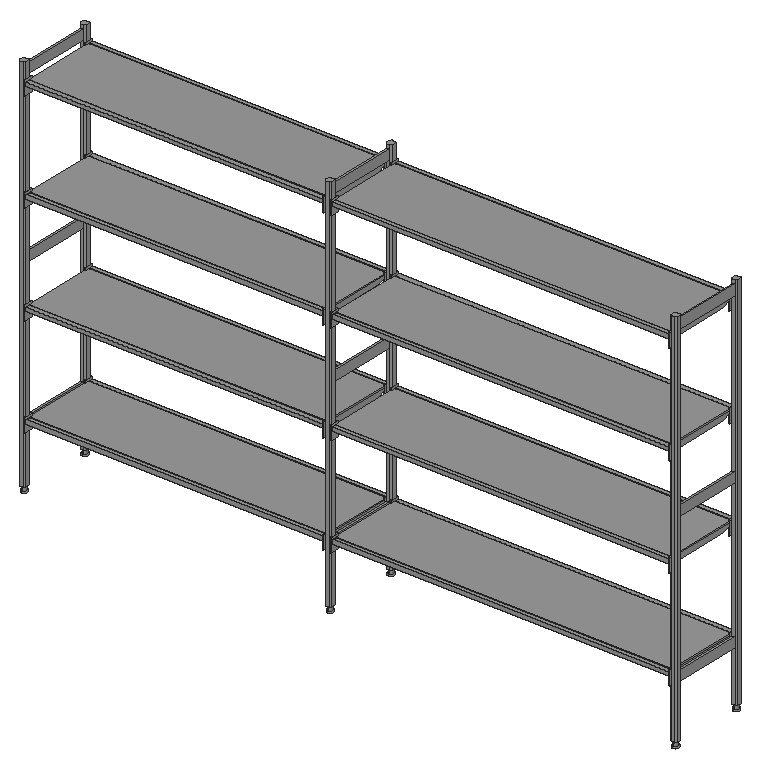
Revit family "QF_ZANUSSI_137029_ALS2935", category Attrezzature speciali, Revit 2020
Family settings
  Quota connettore circolare = Usa diametro
  Tipo di parte = Normale
  Basato su piano di lavoro = No
  Sempre verticale = Sì
  Taglio con vuoti quando caricato = No
  Condiviso = No
  Punto di calcolo locali = No
Parameters (values of type "Standard")
  Weight = 45.00 kg
  Watts = 0 W
  Volts = 0 V
  URL Manufacturer = "http://www.zanussiprofessional.com"
  URL = "http://www.zanussiprofessional.com"
  Steam Supply Size = 0 mm
  Steam Supply Minimum Pressure = 0.0 Pa
  Steam Supply Maximum Pressure = 0.0 Pa
  Steam Consumption per Hour = 0
  Refrigeration Suction Line Size = 0.0 mm
  Refrigeration Liquid Line Size = 0.0 mm
  Refrigerant Compressor Remote = yes
  Prospetto di default = 0.0 mm
  Phase = 0
  Modello = "ALS2935"
  Produttore = "Zanussi"
  Length Actual = 2935.0 mm  # constant formula
  Item Number = "137029"
  Hot Water Size = 0 mm
  Height Actual = 1700.0 mm  # constant formula
  HP = "0 HP"
  Gas Size = 0 mm
  Gas KW = 0
  Gas Input Pressure = 0 W
  Direct Waste Size = 0 mm
  Descrizione = "ALUM.LINEAR SHELV.-POLY.TIERS-373X2935MM"
  Depth Actual = 373.0 mm  # constant formula
  Cycle = 0 Hz
  Condensate Return Size = 0 mm
  Compressed Air Volume = 0.0 L/s
  Compressed Air Size = 0 mm
  Compressed Air Pressure = 0.0 Pa
  Cold Water Size = 0 mm
  Accessory = yes
Reference planes
  plane 1: z = 0
  plane 2 "CenterLeft": x = -31
  plane 3 "LEFT": x = -417
  plane 4 "BACK": y = 23
  plane 5 "FRONT": y = -350
  plane 6 "TOP": z = 1700
  plane 7: x = -385
  plane 8: x = 945
  plane 9 "Center (Front/Back)": y = -163.5
  plane 10: y = -8.5
  plane 11: y = -318.5
  plane 12 "FEET": z = 25
  plane 13: z = 275
  plane 14: z = 725
  plane 15: z = 1175
  plane 16: z = 1625
  plane 17 "CXLeft": x = -403
  plane 18 "Center (Left/Right)": x = 963
  plane 19: y = 5.5
  plane 20 "CYBack": y = 5.5
  plane 21 "CYFront": y = -332.5
  plane 22 "RIGHT": x = 2518
  plane 23: x = 2486
  plane 24 "CXRight": x = 2504
  plane 25: x = 981
Forms (mm)
  Extrusion 1, solid, material "QF_Aluminum"
    sketch origin (-417, 0, -4.006) x (0, 1, 0) y (0, 0, 1)
      loop
        line (-12, 1637.003) -> (4, 1637.003) -> (4, 1655) -> (2.007, 1655) -> (2.007, 1648.501) -> (-329, 1648.501) -> (-329, 1655) -> (-331, 1655) -> (-331, 1637.003) -> (-315, 1637.003) -> (-281, 1625) -> (-46, 1625) -> (-12, 1637.003)
      loop
        line (-12, 1187.003) -> (4, 1187.003) -> (4, 1205) -> (2.007, 1205) -> (2.007, 1198.501) -> (-329, 1198.501) -> (-329, 1205) -> (-331, 1205) -> (-331, 1187.003) -> (-315, 1187.003) -> (-281, 1175) -> (-46, 1175) -> (-12, 1187.003)
      loop
        line (-12, 737.003) -> (4, 737.003) -> (4, 755) -> (2.007, 755) -> (2.007, 748.501) -> (-329, 748.501) -> (-329, 755) -> (-331, 755) -> (-331, 737.003) -> (-315, 737.003) -> (-281, 725) -> (-46, 725) -> (-12, 737.003)
      loop
        line (-12, 287.003) -> (4, 287.003) -> (4, 305) -> (2.007, 305) -> (2.007, 298.501) -> (-329, 298.501) -> (-329, 305) -> (-331, 305) -> (-331, 287.003) -> (-315, 287.003) -> (-281, 275) -> (-46, 275) -> (-12, 287.003)
    from 37 to 32
  Extrusion 2, solid, material "QF_Aluminum"
    sketch origin (-417, 0, 0) x (0, 1, 0) y (0, 0, 1)
      loop
        line (23, 246.005) -> (23, 307.993) -> (-12.993, 307.993) -> (-12.993, 246.005) -> (23, 246.005)
      loop
        line (-350, 246.005) -> (-314.007, 246.005) -> (-314.007, 307.993) -> (-350, 307.993) -> (-350, 246.005)
      loop
        line (23, 696.005) -> (23, 757.993) -> (-12.993, 757.993) -> (-12.993, 696.005) -> (23, 696.005)
      loop
        line (-350, 696.005) -> (-314.007, 696.005) -> (-314.007, 757.993) -> (-350, 757.993) -> (-350, 696.005)
      loop
        line (23, 1146.005) -> (23, 1207.993) -> (-12.993, 1207.993) -> (-12.993, 1146.005) -> (23, 1146.005)
      loop
        line (-350, 1146.005) -> (-314.007, 1146.005) -> (-314.007, 1207.993) -> (-350, 1207.993) -> (-350, 1146.005)
      loop
        line (23, 1596.005) -> (23, 1657.993) -> (-12.993, 1657.993) -> (-12.993, 1596.005) -> (23, 1596.005)
      loop
        line (-350, 1596.005) -> (-314.007, 1596.005) -> (-314.007, 1657.993) -> (-350, 1657.993) -> (-350, 1596.005)
    from 28 to 32
  Extrusion 3, solid, material "QF_Aluminum"
    sketch origin (-417, 0, 0) x (0, 1, 0) y (0, 0, 1)
      loop
        line (4, 1650.994) -> (4, 1632.998) -> (23, 1632.998) -> (23, 1650.994) -> (4, 1650.994)
      loop
        line (-331, 1650.994) -> (-350, 1650.994) -> (-350, 1632.998) -> (-331, 1632.998) -> (-331, 1650.994)
      loop
        line (4, 1200.994) -> (4, 1182.998) -> (23, 1182.998) -> (23, 1200.994) -> (4, 1200.994)
      loop
        line (-331, 1200.994) -> (-350, 1200.994) -> (-350, 1182.998) -> (-331, 1182.998) -> (-331, 1200.994)
      loop
        line (4, 750.994) -> (4, 732.998) -> (23, 732.998) -> (23, 750.994) -> (4, 750.994)
      loop
        line (-331, 750.994) -> (-350, 750.994) -> (-350, 732.998) -> (-331, 732.998) -> (-331, 750.994)
      loop
        line (4, 300.994) -> (4, 282.998) -> (23, 282.998) -> (23, 300.994) -> (4, 300.994)
      loop
        line (-331, 300.994) -> (-350, 300.994) -> (-350, 282.998) -> (-331, 282.998) -> (-331, 300.994)
    from 32 to 1362
  Extrusion 4, solid, material "QF_Polyethylene"
    sketch origin (-417, 0, 0) x (0, 1, 0) y (0, 0, 1)
      loop
        line (2.007, 1650.994) -> (-329, 1650.994) -> (-329, 1644.496) -> (2.007, 1644.496) -> (2.007, 1650.994)
      loop
        line (2.007, 1200.994) -> (-329, 1200.994) -> (-329, 1194.496) -> (2.007, 1194.496) -> (2.007, 1200.994)
      loop
        line (2.007, 750.994) -> (-329, 750.994) -> (-329, 744.496) -> (2.007, 744.496) -> (2.007, 750.994)
      loop
        line (2.007, 300.994) -> (-329, 300.994) -> (-329, 294.496) -> (2.007, 294.496) -> (2.007, 300.994)
    from 32 to 1362
  Extrusion 5, solid, material "QF_Aluminum"
    sketch origin (2518, 0, 0) x (0, 1, 0) y (0, 0, 1)
      loop
        line (4, 1650.994) -> (4, 1632.998) -> (23, 1632.998) -> (23, 1650.994) -> (4, 1650.994)
      loop
        line (-331, 1650.994) -> (-350, 1650.994) -> (-350, 1632.998) -> (-331, 1632.998) -> (-331, 1650.994)
      loop
        line (4, 1200.994) -> (4, 1182.998) -> (23, 1182.998) -> (23, 1200.994) -> (4, 1200.994)
      loop
        line (-331, 1200.994) -> (-350, 1200.994) -> (-350, 1182.998) -> (-331, 1182.998) -> (-331, 1200.994)
      loop
        line (4, 750.994) -> (4, 732.998) -> (23, 732.998) -> (23, 750.994) -> (4, 750.994)
      loop
        line (-331, 750.994) -> (-350, 750.994) -> (-350, 732.998) -> (-331, 732.998) -> (-331, 750.994)
      loop
        line (4, 300.994) -> (4, 282.998) -> (23, 282.998) -> (23, 300.994) -> (4, 300.994)
      loop
        line (-331, 300.994) -> (-350, 300.994) -> (-350, 282.998) -> (-331, 282.998) -> (-331, 300.994)
    from -32 to -1537
  Extrusion 6, solid, material "QF_Polyethylene"
    sketch origin (2518, 0, 0) x (0, 1, 0) y (0, 0, 1)
      loop
        line (2.007, 1650.994) -> (-329, 1650.994) -> (-329, 1644.496) -> (2.007, 1644.496) -> (2.007, 1650.994)
      loop
        line (2.007, 1200.994) -> (-329, 1200.994) -> (-329, 1194.496) -> (2.007, 1194.496) -> (2.007, 1200.994)
      loop
        line (2.007, 750.994) -> (-329, 750.994) -> (-329, 744.496) -> (2.007, 744.496) -> (2.007, 750.994)
      loop
        line (2.007, 300.994) -> (-329, 300.994) -> (-329, 294.496) -> (2.007, 294.496) -> (2.007, 300.994)
    from -32 to -1537
Lines and regions (mm)
  symbolic lines
    curve 1: line (945, 4, 1700) -> (-385, 4, 1700)
    curve 2: line (-408, -8.5, 1700) -> (-408, -318.5, 1700)
    curve 3: line (-398, -318.5, 1700) -> (-398, -8.5, 1700)
    curve 4: line (-389, 23, 1700) -> (949, 23, 1700)
    curve 5: line (-385, -350, 1700) -> (945, -350, 1700)
    curve 6: line (977, 23, 1700) -> (2490, 23, 1700)
    curve 7: line (977, -350, 1700) -> (2490, -350, 1700)
    curve 8: line (-385, -331, 1700) -> (945, -331, 1700)
    curve 9: line (981, -331, 1700) -> (2486, -331, 1700)
    curve 10: line (981, 4, 1700) -> (2486, 4, 1700)
    curve 11: line (2486, -12.993, 1700) -> (2486, -314.007, 1700)
    curve 12: line (945, -12.993, 1700) -> (945, -314.007, 1700)
    curve 13: line (981, -314.007, 1700) -> (981, -12.993, 1700)
    curve 14: line (-385, -12.993, 1700) -> (-385, -314.007, 1700)
Dimensions and locks
  plane 3 "LEFT" to plane 2 "CenterLeft" = 386.0 mm
  locked: plane 6 "TOP" to level at 1700
  locked: plane 4 "BACK" to plane 5 "FRONT" at 373
  locked: plane 7 to plane 8 at 1330
  locked: plane 10 to plane 11 at 310
  equal spacing: plane 10, plane 9 "Center (Front/Back)", plane 11
  equal spacing: plane 4 "BACK", plane 9 "Center (Front/Back)", plane 5 "FRONT"
  plane 12 "FEET" to level = 25.0 mm
  plane 6 "TOP" to plane 12 "FEET" = 1675.0 mm
  plane 13 to plane 12 "FEET" = 250.0 mm
  plane 14 to plane 13 = 450.0 mm
  plane 15 to plane 14 = 450.0 mm
  plane 16 to plane 15 = 450.0 mm
  locked: plane 4 "BACK" to plane 20 "CYBack" at 17.5
  locked: plane 21 "CYFront" to plane 5 "FRONT" at 17.5
  locked: plane 4 "BACK" to Extrusion 1 at 19
  locked: Extrusion 1 to plane 5 "FRONT" at 19
  Extrusion 1 sketch curve to plane 21 "CYFront" = 3.5 mm
  plane 3 "LEFT" to plane 22 "RIGHT" = 2935.0 mm
  locked: plane 25 to plane 23 at 1505
  locked: plane 8 to plane 18 "Center (Left/Right)" at 18
  locked: plane 18 "Center (Left/Right)" to plane 25 at 18
  locked: plane 3 "LEFT" to plane 7 at 32
  locked: plane 24 "CXRight" to plane 22 "RIGHT" at 14
  aligned and locked: level to plane 1
  aligned and locked: plane 7 to Extrusion 1
  aligned and locked: Extrusion 2 to plane 7
  aligned and locked: plane 7 to Extrusion 4
  aligned and locked: Extrusion 4 to plane 8
  aligned and locked: plane 7 to Extrusion 3
  aligned and locked: Extrusion 3 to plane 8
  aligned and locked: Extrusion 3 sketch curve to Extrusion 1
  aligned and locked: Extrusion 1 to Extrusion 3 sketch curve
  aligned and locked: Extrusion 3 sketch curve to Extrusion 3 sketch curve  (x2)
  aligned and locked: Extrusion 1 sketch curve to Extrusion 1 sketch curve  (x3)
  aligned and locked: Extrusion 4 sketch curve to Extrusion 1  (x4)
  aligned and locked: Extrusion 5 sketch curve to Extrusion 5 sketch curve  (x2)
  aligned and locked: Extrusion 5 to plane 25
  aligned and locked: Extrusion 6 to plane 25
  aligned and locked: plane 18 "Center (Left/Right)" to nested 3
  aligned and locked: plane 17 "CXLeft" to nested 1
  aligned and locked: Extrusion 3 to plane 7  (x3)
  aligned and locked: plane 8 to Extrusion 3  (x4)
  aligned and locked: plane 25 to Extrusion 5  (x4)
  aligned and locked: plane 25 to Extrusion 6  (x4)
  aligned and locked: plane 8 to Extrusion 4  (x4)
  aligned and locked: plane 24 "CXRight" to nested 2
  aligned and locked: Extrusion 5 to plane 23
  aligned and locked: Extrusion 6 to plane 23
  aligned and locked: plane 23 to Extrusion 5  (x3)
  aligned and locked: plane 23 to Extrusion 6  (x3)
Automatic sketch dimensions
  plane 21 "CYFront" to Extrusion 1 sketch curve = 1.5 mm  (x4)
  plane 11 to Extrusion 1 sketch curve = 3.5 mm  (x4)
  Extrusion 1 sketch curve to plane 13 = 4.006 mm
  Extrusion 1 sketch curve to Extrusion 1 sketch curve = 34.0 mm  (x4)
  Extrusion 1 sketch curve to plane 14 = 4.006 mm
  Extrusion 1 sketch curve to plane 15 = 4.006 mm
  Extrusion 1 sketch curve to plane 16 = 4.006 mm
  Extrusion 1 sketch curve to plane 10 = 37.5 mm  (x4)
  Extrusion 1 sketch curve to plane 10 = 3.5 mm  (x4)
  plane 19 to Extrusion 1 sketch curve = 3.493 mm  (x4)
  plane 19 to Extrusion 1 sketch curve = 1.5 mm  (x4)
  plane 13 to Extrusion 1 sketch curve = 7.998 mm  (x2)
  Extrusion 1 sketch curve to Extrusion 1 sketch curve = 11.498 mm  (x4)
  Extrusion 1 sketch curve to Extrusion 1 sketch curve = 6.499 mm  (x8)
  plane 14 to Extrusion 1 sketch curve = 7.998 mm  (x2)
  plane 15 to Extrusion 1 sketch curve = 7.998 mm  (x2)
  plane 16 to Extrusion 1 sketch curve = 7.998 mm  (x2)
  Extrusion 2 sketch curve to plane 5 "FRONT" = 0.0 mm  (x4)
  Extrusion 2 sketch curve to plane 4 "BACK" = 0.0 mm  (x4)
  plane 11 to Extrusion 2 sketch curve = 4.493 mm  (x4)
  Extrusion 2 sketch curve to plane 10 = 4.493 mm  (x4)
  Extrusion 2 sketch curve to plane 13 = 28.995 mm  (x2)
  plane 13 to Extrusion 2 sketch curve = 32.993 mm  (x2)
  Extrusion 2 sketch curve to plane 14 = 28.995 mm  (x2)
  plane 14 to Extrusion 2 sketch curve = 32.993 mm  (x2)
  Extrusion 2 sketch curve to plane 15 = 28.995 mm  (x2)
  plane 15 to Extrusion 2 sketch curve = 32.993 mm  (x2)
  Extrusion 2 sketch curve to plane 16 = 28.995 mm  (x2)
  plane 16 to Extrusion 2 sketch curve = 32.993 mm  (x2)
  Extrusion 3 sketch curve to plane 5 "FRONT" = 0.0 mm  (x4)
  Extrusion 3 sketch curve to plane 4 "BACK" = 0.0 mm  (x4)
  plane 19 to Extrusion 3 sketch curve = 1.5 mm  (x4)
  plane 13 to Extrusion 3 sketch curve = 7.998 mm  (x2)
  Extrusion 3 sketch curve to Extrusion 3 sketch curve = 17.997 mm  (x8)
  plane 14 to Extrusion 3 sketch curve = 7.998 mm  (x2)
  plane 15 to Extrusion 3 sketch curve = 7.998 mm  (x2)
  plane 16 to Extrusion 3 sketch curve = 7.998 mm  (x2)
  plane 19 to Extrusion 4 sketch curve = 3.493 mm  (x4)
  plane 13 to Extrusion 4 sketch curve = 19.496 mm
  Extrusion 4 sketch curve to Extrusion 4 sketch curve = 6.499 mm  (x4)
  plane 14 to Extrusion 4 sketch curve = 19.496 mm
  plane 15 to Extrusion 4 sketch curve = 19.496 mm
  plane 16 to Extrusion 4 sketch curve = 19.496 mm
  Extrusion 5 sketch curve to plane 5 "FRONT" = 0.0 mm  (x4)
  Extrusion 5 sketch curve to plane 4 "BACK" = 0.0 mm  (x4)
  plane 21 "CYFront" to Extrusion 5 sketch curve = 1.5 mm  (x2)
  plane 19 to Extrusion 5 sketch curve = 1.5 mm  (x4)
  plane 13 to Extrusion 5 sketch curve = 7.998 mm  (x2)
  Extrusion 5 sketch curve to Extrusion 5 sketch curve = 17.997 mm  (x8)
  plane 14 to Extrusion 5 sketch curve = 7.998 mm  (x2)
  plane 15 to Extrusion 5 sketch curve = 7.998 mm  (x2)
  plane 16 to Extrusion 5 sketch curve = 7.998 mm  (x2)
  plane 21 "CYFront" to Extrusion 6 sketch curve = 3.5 mm  (x4)
  plane 19 to Extrusion 6 sketch curve = 3.493 mm  (x4)
  plane 13 to Extrusion 6 sketch curve = 19.496 mm
  Extrusion 6 sketch curve to Extrusion 6 sketch curve = 6.499 mm  (x4)
  plane 14 to Extrusion 6 sketch curve = 19.496 mm
  plane 15 to Extrusion 6 sketch curve = 19.496 mm
  plane 16 to Extrusion 6 sketch curve = 19.496 mm
  curve 7 to plane 5 "FRONT" = 0.0 mm
  curve 5 to plane 5 "FRONT" = 0.0 mm
  curve 8 to plane 8 = 0.0 mm
  curve 9 to plane 25 = 0.0 mm
  curve 9 to plane 23 = 0.0 mm
  curve 8 to plane 7 = 0.0 mm
  curve 2 to plane 11 = 0.0 mm
  curve 3 to plane 11 = 0.0 mm
  curve 14 to plane 7 = 0.0 mm
  curve 13 to plane 25 = 0.0 mm
  curve 12 to plane 8 = 0.0 mm
  curve 11 to plane 23 = 0.0 mm
  curve 3 to plane 10 = 0.0 mm
  curve 2 to plane 10 = 0.0 mm
  curve 1 to plane 8 = 0.0 mm
  curve 1 to plane 7 = 0.0 mm
  curve 10 to plane 23 = 0.0 mm
  curve 10 to plane 25 = 0.0 mm
  curve 4 to plane 4 "BACK" = 0.0 mm
  curve 6 to plane 4 "BACK" = 0.0 mm
  curve 5 to plane 8 = 0.0 mm
  curve 5 to plane 7 = 0.0 mm
  plane 21 "CYFront" to curve 8 = 1.5 mm
  plane 21 "CYFront" to curve 9 = 1.5 mm
  plane 11 to curve 14 = 4.493 mm
  plane 11 to curve 13 = 4.493 mm
  plane 11 to curve 12 = 4.493 mm
  plane 11 to curve 11 = 4.493 mm
  curve 14 to plane 10 = 4.493 mm
  curve 13 to plane 10 = 4.493 mm
  curve 12 to plane 10 = 4.493 mm
  curve 11 to plane 10 = 4.493 mm
  plane 19 to curve 1 = 1.5 mm
  plane 19 to curve 10 = 1.5 mm
  curve 6 to plane 23 = 4.0 mm
  curve 7 to plane 23 = 4.0 mm
  curve 6 to plane 25 = 4.0 mm
  curve 7 to plane 25 = 4.0 mm
  curve 4 to plane 8 = 4.0 mm
  plane 7 to curve 4 = 4.0 mm
  plane 17 "CXLeft" to curve 3 = 5.0 mm
  curve 2 to plane 17 "CXLeft" = 5.0 mm
Nested families
  nested 1: "WT_Anta373" at (0, 0, 0), type "WT_Anta373"
  nested 2: "WT_Anta373" at (2101, 0, 0) x (-1, 0, 0) z (0, 0, 1), type "WT_Anta373"
  nested 3: "WT_Anta373Center" at (1366, 0, 0), type "WT_Anta373Center"
Definition of nested family "WT_Anta373"
  Parameters
    WidthLeft = A + 64.0 mm  # 772.0 mm
    Width = 1606.0 mm
    Right = WidthLeft / 2  # 386.0 mm
    Default Elevation = 0.0 mm
    Left = -WidthLeft / 2  # -386.0 mm
    Height = 1725.0 mm
    FEET = 25.0 mm
    E = 0.0 mm
    Dint = Depth - 63.0 mm  # 310.0 mm
    Dext = Depth - 8.0 mm  # 365.0 mm
    Depth = 373.0 mm
    DX = (WidthLeft - A) / 2  # 32.0 mm
    B = 798.0 mm
    A = 708.0 mm
  Reference planes
    plane 1: z = 0
    plane 2 "LEFT": x = -417
    plane 3 "BACK": y = 23
    plane 4 "FRONT": y = -350
    plane 5 "TOP": z = 1725
    plane 6 "Center (Front/Back)": y = -163.5
    plane 7: y = -8.5
    plane 8: y = -318.5
    plane 9 "FEET": z = 25
    plane 10: z = 275
    plane 11: z = 725
    plane 12: z = 1175
    plane 13: z = 1625
    plane 14 "CXLeft": x = -403
    plane 15: y = 5.5
    plane 16 "CYBack": y = 5.5
    plane 17 "CYFront": y = -332.5
    plane 18: x = -385.031
    plane 19: x = -380.031
  Forms (mm)
    Extrusion 1, solid
      sketch origin (0, 0, 0) x (1, 0, 0) y (0, 1, 0)
        loop
          line (-417, 13.246) -> (-417, -2.246) -> (-410.746, -8.5) -> (-395.254, -8.5) -> (-389, -2.246) -> (-389, 13.246) -> (-395.254, 19.5) -> (-410.746, 19.5) -> (-417, 13.246)
      from 1725 to 25
    Extrusion 2, solid
      sketch origin (-417, 0, 0) x (0, 1, 0) y (0, 0, 1)
        loop
          line (23, 246.005) -> (23, 307.993) -> (-12.993, 307.993) -> (-12.993, 246.005) -> (23, 246.005)
        loop
          line (-350, 246.005) -> (-314.007, 246.005) -> (-314.007, 307.993) -> (-350, 307.993) -> (-350, 246.005)
        loop
          line (23, 696.005) -> (23, 757.993) -> (-12.993, 757.993) -> (-12.993, 696.005) -> (23, 696.005)
        loop
          line (-350, 696.005) -> (-314.007, 696.005) -> (-314.007, 757.993) -> (-350, 757.993) -> (-350, 696.005)
        loop
          line (23, 1146.005) -> (23, 1207.993) -> (-12.993, 1207.993) -> (-12.993, 1146.005) -> (23, 1146.005)
        loop
          line (-350, 1146.005) -> (-314.007, 1146.005) -> (-314.007, 1207.993) -> (-350, 1207.993) -> (-350, 1146.005)
        loop
          line (23, 1596.005) -> (23, 1657.993) -> (-12.993, 1657.993) -> (-12.993, 1596.005) -> (23, 1596.005)
        loop
          line (-350, 1596.005) -> (-314.007, 1596.005) -> (-314.007, 1657.993) -> (-350, 1657.993) -> (-350, 1596.005)
      from 28 to 32
    Revolve 3, solid
      sketch origin (-403, 0, 0) x (0, 1, 0) y (0, 0, 1)
        loop
          line (5.5, 25) -> (5.5, 0) -> (19, 0) -> (19, 5) -> (14, 5) -> (14, 25) -> (5.5, 25)
        axis (5.5, 25) -> (5.5, 0)
      angle from 0 to 360
    Extrusion 4, solid
      sketch origin (-403, 0, 0) x (0, 1, 0) y (0, 0, 1)
        loop
          line (-8.5, 912.382) -> (-8.5, 957.374) -> (-318.5, 957.374) -> (-318.5, 912.382) -> (-8.5, 912.382)
        loop
          line (-8.5, 1662.244) -> (-8.5, 1707.236) -> (-318.5, 1707.236) -> (-318.5, 1662.244) -> (-8.5, 1662.244)
      from -5 to 5
    Revolve 5, solid
      sketch origin (-403, -627, 0) x (0, -1, 0) y (0, 0, 1)
        loop
          line (-294.5, 25) -> (-294.5, 0) -> (-281, 0) -> (-281, 5) -> (-286, 5) -> (-286, 25) -> (-294.5, 25)
        axis (-294.5, 25) -> (-294.5, 0)
      angle from 0 to 360
    Extrusion 6, solid
      sketch origin (0, -627, 0) x (1, 0, 0) y (0, 1, 0)
        loop
          line (-417, 286.754) -> (-410.746, 280.5) -> (-395.254, 280.5) -> (-389, 286.754) -> (-389, 302.246) -> (-395.254, 308.5) -> (-410.746, 308.5) -> (-417, 302.246) -> (-417, 286.754)
      from 1725 to 25
    Extrusion 7, solid
      sketch origin (-417.031, -0.022, 0) x (0, 1, 0) y (0, 0, -1)
        loop
          line (-12, -1632.998) -> (-46, -1620.994) -> (-281, -1620.994) -> (-315, -1632.998) -> (-331, -1632.998) -> (-331, -1650.994) -> (-329, -1650.994) -> (-329, -1644.496) -> (2.007, -1644.496) -> (2.007, -1650.994) -> (4, -1650.994) -> (4, -1632.998) -> (-12, -1632.998)
        loop
          line (-12, -1182.998) -> (-46, -1170.994) -> (-281, -1170.994) -> (-315, -1182.998) -> (-331, -1182.998) -> (-331, -1200.994) -> (-329, -1200.994) -> (-329, -1194.496) -> (2.007, -1194.496) -> (2.007, -1200.994) -> (4, -1200.994) -> (4, -1182.998) -> (-12, -1182.998)
        loop
          line (-12, -732.998) -> (-46, -720.994) -> (-281, -720.994) -> (-315, -732.998) -> (-331, -732.998) -> (-331, -750.994) -> (-329, -750.994) -> (-329, -744.496) -> (2.007, -744.496) -> (2.007, -750.994) -> (4, -750.994) -> (4, -732.998) -> (-12, -732.998)
        loop
          line (-12, -282.998) -> (-46, -270.994) -> (-281, -270.994) -> (-315, -282.998) -> (-331, -282.998) -> (-331, -300.994) -> (-329, -300.994) -> (-329, -294.496) -> (2.007, -294.496) -> (2.007, -300.994) -> (4, -300.994) -> (4, -282.998) -> (-12, -282.998)
      from -32 to -37
    Extrusion 8, solid
      sketch origin (-403, 0, -659.878) x (0, 1, 0) y (0, 0, 1)
        loop
          line (-8.5, 912.382) -> (-8.5, 957.374) -> (-318.5, 957.374) -> (-318.5, 912.382) -> (-8.5, 912.382)
        loop
          line (-8.5, 1572.382) -> (-8.5, 1617.374) -> (-318.5, 1617.374) -> (-318.5, 1572.382) -> (-8.5, 1572.382)
        loop
          line (-8.5, 2322.382) -> (-8.5, 2367.374) -> (-318.5, 2367.374) -> (-318.5, 2322.382) -> (-8.5, 2322.382)
      from -5 to 5
  Lines and regions (mm)
    symbolic lines
      curve 1: line (-408, -8.5, 1725) -> (-408, -318.5, 1725)
      curve 2: line (-398, -318.5, 1725) -> (-398, -8.5, 1725)
      curve 3: line (-395.254, -8.5, 1725) -> (-410.746, -8.5, 1725)
      curve 4: line (-417, -2.246, 1725) -> (-410.746, -8.5, 1725)
      curve 5: line (-417, 13.246, 1725) -> (-417, -2.246, 1725)
      curve 6: line (-410.746, 19.5, 1725) -> (-417, 13.246, 1725)
      curve 7: line (-395.254, 19.5, 1725) -> (-410.746, 19.5, 1725)
      curve 8: line (-389, 13.246, 1725) -> (-395.254, 19.5, 1725)
      curve 9: line (-395.254, -8.5, 1725) -> (-389, -2.246, 1725)
      curve 10: line (-395.254, -318.5, 1725) -> (-410.746, -318.5, 1725)
      curve 11: line (-417, -324.754, 1725) -> (-410.746, -318.5, 1725)
      curve 12: line (-410.746, -346.5, 1725) -> (-417, -340.246, 1725)
      curve 13: line (-395.254, -346.5, 1725) -> (-410.746, -346.5, 1725)
      curve 14: line (-389, -340.246, 1725) -> (-395.254, -346.5, 1725)
      curve 15: line (-395.254, -318.5, 1725) -> (-389, -324.754, 1725)
      curve 16: line (-389, -350, 1725) -> (-389, -314.007, 1725)
      curve 17: line (-389, -314.007, 1725) -> (-385, -314.007, 1725)
      curve 18: line (-389, 23, 1725) -> (-389, -12.993, 1725)
      curve 19: line (-389, -12.993, 1725) -> (-385, -12.993, 1725)
      curve 20: line (-417, -324.754, 1725) -> (-417, -340.246, 1725)
      curve 21: line (-385, -350, 1725) -> (-385, -314.007, 1725)
      curve 22: line (-385, -350, 1725) -> (-389, -350, 1725)
      curve 23: line (-385, 23, 1725) -> (-389, 23, 1725)
      curve 24: line (-385, -12.993, 1725) -> (-385, 23, 1725)
      curve 25: line (-385.031, -13.016, 1725) -> (-385.031, -314.029, 1725)
  Dimensions and locks
    "Height": plane 5 "TOP" to level
    "Depth": plane 3 "BACK" to plane 4 "FRONT"
    "Dint": plane 7 to plane 8
    equal spacing: plane 7, plane 6 "Center (Front/Back)", plane 8
    equal spacing: plane 3 "BACK", plane 6 "Center (Front/Back)", plane 4 "FRONT"
    plane 9 "FEET" to level = 25.0 mm
    plane 5 "TOP" to plane 9 "FEET" = 1700.0 mm
    plane 10 to plane 9 "FEET" = 250.0 mm
    plane 11 to plane 10 = 450.0 mm
    plane 12 to plane 11 = 450.0 mm
    plane 13 to plane 12 = 450.0 mm
    locked: plane 2 "LEFT" to plane 14 "CXLeft" at 14
    locked: plane 3 "BACK" to plane 16 "CYBack" at 17.5
    locked: plane 17 "CYFront" to plane 4 "FRONT" at 17.5
    locked: Revolve 3 sketch curve to Revolve 3 sketch curve at 8.5
    locked: Revolve 3 sketch curve to plane 16 "CYBack" at 13.5
    locked: Revolve 5 sketch curve to Revolve 5 sketch curve at 8.5
    aligned and locked: level to plane 1
    aligned and locked: curve 20 to Extrusion 6
    aligned and locked: plane 5 "TOP" to Extrusion 1
    aligned and locked: plane 5 "TOP" to Extrusion 6
    aligned and locked: Extrusion 7 sketch curve to Extrusion 7 sketch curve  (x3)
  Automatic sketch dimensions
    curve 16 to plane 4 "FRONT" = 0.0 mm
    curve 11 to plane 8 = 0.0 mm
    curve 9 to plane 7 = 0.0 mm
    curve 5 to plane 2 "LEFT" = 0.0 mm
    curve 23 to plane 3 "BACK" = 0.0 mm
    plane 4 "FRONT" to curve 13 = 3.5 mm
    curve 20 to plane 17 "CYFront" = 7.746 mm
    curve 20 to plane 8 = 6.254 mm
    plane 8 to curve 16 = 4.493 mm
    curve 24 to plane 18 = 0.031 mm
    curve 24 to plane 7 = 4.493 mm
    plane 7 to curve 5 = 6.254 mm
    curve 5 to plane 15 = 7.746 mm
    curve 6 to plane 3 "BACK" = 3.5 mm
    curve 21 to plane 18 = 0.031 mm
    plane 18 to curve 23 = 3.969 mm
    plane 18 to curve 16 = 3.969 mm
    curve 18 to curve 8 = 6.254 mm
    curve 18 to curve 3 = 6.254 mm
    curve 16 to curve 13 = 6.254 mm
    curve 16 to curve 15 = 6.254 mm
    plane 2 "LEFT" to curve 10 = 6.254 mm
    plane 2 "LEFT" to curve 7 = 6.254 mm
    plane 2 "LEFT" to curve 12 = 6.254 mm
    plane 2 "LEFT" to curve 3 = 6.254 mm
    curve 14 to plane 17 "CYFront" = 7.746 mm
    curve 15 to plane 8 = 6.254 mm
    plane 7 to curve 9 = 6.254 mm
    curve 8 to plane 15 = 7.746 mm
    curve 3 to curve 2 = 2.746 mm
    curve 1 to curve 10 = 2.746 mm
    Extrusion 1 sketch curve to plane 2 "LEFT" = 0.0 mm
    Extrusion 1 sketch curve to plane 7 = 0.0 mm
    plane 2 "LEFT" to Extrusion 1 sketch curve = 6.254 mm  (x2)
    plane 14 "CXLeft" to Extrusion 1 sketch curve = 7.746 mm  (x2)
    Extrusion 1 sketch curve to plane 3 "BACK" = 3.5 mm
    plane 18 to Extrusion 1 sketch curve = 3.969 mm
    plane 7 to Extrusion 1 sketch curve = 6.254 mm  (x2)
    Extrusion 1 sketch curve to plane 15 = 7.746 mm  (x2)
    Extrusion 2 sketch curve to plane 4 "FRONT" = 0.0 mm  (x4)
    Extrusion 2 sketch curve to plane 3 "BACK" = 0.0 mm  (x4)
    plane 8 to Extrusion 2 sketch curve = 4.493 mm  (x4)
    Extrusion 2 sketch curve to plane 7 = 4.493 mm  (x4)
    Extrusion 2 sketch curve to plane 10 = 28.995 mm  (x2)
    plane 10 to Extrusion 2 sketch curve = 32.993 mm  (x2)
    Extrusion 2 sketch curve to plane 11 = 28.995 mm  (x2)
    plane 11 to Extrusion 2 sketch curve = 32.993 mm  (x2)
    Extrusion 2 sketch curve to plane 12 = 28.995 mm  (x2)
    plane 12 to Extrusion 2 sketch curve = 32.993 mm  (x2)
    Extrusion 2 sketch curve to plane 13 = 28.995 mm  (x2)
    plane 13 to Extrusion 2 sketch curve = 32.993 mm  (x2)
    Revolve 3 sketch curve to plane 9 "FEET" = 0.0 mm  (x2)
    Revolve 3 sketch curve to plane 15 = 0.0 mm  (x2)
    Revolve 3 sketch curve to level = 0.0 mm
    level to Revolve 3 sketch curve = 5.0 mm
    Revolve 3 sketch curve to Revolve 3 sketch curve = 11.655 mm
    Extrusion 4 sketch curve to plane 8 = 0.0 mm  (x2)
    Extrusion 4 sketch curve to plane 7 = 0.0 mm  (x2)
    plane 11 to Extrusion 4 sketch curve = 187.382 mm
    Extrusion 4 sketch curve to Extrusion 4 sketch curve = 44.992 mm
    plane 13 to Extrusion 4 sketch curve = 37.244 mm
    Extrusion 4 sketch curve to plane 5 "TOP" = 17.764 mm
    Revolve 5 sketch curve to plane 9 "FEET" = 0.0 mm  (x2)
    Revolve 5 sketch curve to plane 17 "CYFront" = 0.0 mm  (x2)
    Revolve 5 sketch curve to level = 0.0 mm
    Revolve 5 sketch curve to plane 4 "FRONT" = 4.0 mm
    Revolve 5 sketch curve to Revolve 5 sketch curve = 5.0 mm
    level to Revolve 5 sketch curve = 11.655 mm
    Extrusion 6 sketch curve to plane 2 "LEFT" = 0.0 mm
    Extrusion 6 sketch curve to plane 8 = 0.0 mm
    Extrusion 6 sketch curve to plane 2 "LEFT" = 6.254 mm  (x2)
    Extrusion 6 sketch curve to plane 14 "CXLeft" = 7.746 mm  (x2)
    Extrusion 6 sketch curve to plane 4 "FRONT" = 3.5 mm
    Extrusion 6 sketch curve to plane 18 = 3.969 mm
    plane 8 to Extrusion 6 sketch curve = 6.254 mm  (x2)
    plane 17 "CYFront" to Extrusion 6 sketch curve = 7.746 mm  (x2)
    plane 17 "CYFront" to Extrusion 7 sketch curve = 1.478 mm  (x4)
    Extrusion 7 sketch curve to Extrusion 7 sketch curve = 2.0 mm
    plane 8 to Extrusion 7 sketch curve = 3.478 mm  (x4)
    Extrusion 7 sketch curve to plane 10 = 4.006 mm
    Extrusion 7 sketch curve to Extrusion 7 sketch curve = 34.0 mm  (x4)
    Extrusion 7 sketch curve to plane 11 = 4.006 mm
    Extrusion 7 sketch curve to plane 12 = 4.006 mm
    Extrusion 7 sketch curve to plane 13 = 4.006 mm
    Extrusion 7 sketch curve to plane 7 = 37.522 mm  (x4)
    Extrusion 7 sketch curve to plane 7 = 3.522 mm  (x4)
    plane 15 to Extrusion 7 sketch curve = 3.516 mm  (x4)
    plane 15 to Extrusion 7 sketch curve = 1.522 mm  (x4)
    plane 13 to Extrusion 7 sketch curve = 7.998 mm  (x2)
    Extrusion 7 sketch curve to Extrusion 7 sketch curve = 11.498 mm
    Extrusion 7 sketch curve to Extrusion 7 sketch curve = 6.499 mm  (x5)
    plane 12 to Extrusion 7 sketch curve = 25.994 mm  (x2)
    plane 12 to Extrusion 7 sketch curve = 7.998 mm  (x2)
    plane 11 to Extrusion 7 sketch curve = 25.994 mm  (x2)
    plane 11 to Extrusion 7 sketch curve = 7.998 mm  (x2)
    plane 10 to Extrusion 7 sketch curve = 25.994 mm  (x2)
    plane 10 to Extrusion 7 sketch curve = 7.998 mm  (x2)
    curve 25 to plane 18 = 0.0 mm
    plane 8 to curve 25 = 4.471 mm
    curve 25 to plane 7 = 4.516 mm
    Extrusion 8 sketch curve to plane 8 = 0.0 mm  (x3)
    Extrusion 8 sketch curve to plane 7 = 0.0 mm  (x3)
    Extrusion 8 sketch curve to plane 10 = 22.496 mm
    plane 10 to Extrusion 8 sketch curve = 22.496 mm
    plane 11 to Extrusion 8 sketch curve = 187.504 mm
    Extrusion 8 sketch curve to Extrusion 8 sketch curve = 44.992 mm
    plane 13 to Extrusion 8 sketch curve = 37.504 mm
    Extrusion 8 sketch curve to plane 5 "TOP" = 17.504 mm
Definition of nested family "WT_Anta373Center"
  Parameters
    WidthLeft = A + 64.0 mm  # 772.0 mm
    Width = 1606.0 mm
    Right = WidthLeft / 2  # 386.0 mm
    Default Elevation = 0.0 mm
    Left = -WidthLeft / 2  # -386.0 mm
    Height = 1725.0 mm
    FEET = 25.0 mm
    E = 0.0 mm
    Dint = Depth - 63.0 mm  # 310.0 mm
    Dext = Depth - 8.0 mm  # 365.0 mm
    Depth = 373.0 mm
    DX = (WidthLeft - A) / 2  # 32.0 mm
    B = 798.0 mm
    A = 708.0 mm
  Reference planes
    plane 1: z = 0
    plane 2 "L": x = -417
    plane 3 "BACK": y = 23
    plane 4 "FRONT": y = -350
    plane 5 "TOP": z = 1725
    plane 6 "Center (Front/Back)": y = -163.5
    plane 7: y = -8.5
    plane 8: y = -318.5
    plane 9 "FEET": z = 25
    plane 10: z = 275
    plane 11: z = 725
    plane 12: z = 1175
    plane 13: z = 1625
    plane 14 "CXLeft": x = -403
    plane 15: y = 5.5
    plane 16 "CYBack": y = 5.5
    plane 17 "CYFront": y = -332.5
    plane 18: x = -385.031
    plane 19 "RIGHT": x = -380.031
    plane 20: x = -420.969
    plane 21 "LEFT": x = -425.969
  Forms (mm)
    Extrusion 1, solid
      sketch origin (0, 0, 0) x (1, 0, 0) y (0, 1, 0)
        loop
          line (-417, 13.246) -> (-417, -2.246) -> (-410.746, -8.5) -> (-395.254, -8.5) -> (-389, -2.246) -> (-389, 13.246) -> (-395.254, 19.5) -> (-410.746, 19.5) -> (-417, 13.246)
      from 1725 to 25
    Extrusion 2, solid
      sketch origin (-417, 0, 0) x (0, 1, 0) y (0, 0, 1)
        loop
          line (23, 246.005) -> (23, 307.993) -> (-12.993, 307.993) -> (-12.993, 246.005) -> (23, 246.005)
        loop
          line (-350, 246.005) -> (-314.007, 246.005) -> (-314.007, 307.993) -> (-350, 307.993) -> (-350, 246.005)
        loop
          line (23, 696.005) -> (23, 757.993) -> (-12.993, 757.993) -> (-12.993, 696.005) -> (23, 696.005)
        loop
          line (-350, 696.005) -> (-314.007, 696.005) -> (-314.007, 757.993) -> (-350, 757.993) -> (-350, 696.005)
        loop
          line (23, 1146.005) -> (23, 1207.993) -> (-12.993, 1207.993) -> (-12.993, 1146.005) -> (23, 1146.005)
        loop
          line (-350, 1146.005) -> (-314.007, 1146.005) -> (-314.007, 1207.993) -> (-350, 1207.993) -> (-350, 1146.005)
        loop
          line (23, 1596.005) -> (23, 1657.993) -> (-12.993, 1657.993) -> (-12.993, 1596.005) -> (23, 1596.005)
        loop
          line (-350, 1596.005) -> (-314.007, 1596.005) -> (-314.007, 1657.993) -> (-350, 1657.993) -> (-350, 1596.005)
      from 28 to 32
    Revolve 3, solid
      sketch origin (-403, 0, 0) x (0, 1, 0) y (0, 0, 1)
        loop
          line (5.5, 25) -> (5.5, 0) -> (19, 0) -> (19, 5) -> (14, 5) -> (14, 25) -> (5.5, 25)
        axis (5.5, 25) -> (5.5, 0)
      angle from 0 to 360
    Extrusion 4, solid
      sketch origin (-403, 0, 0) x (0, 1, 0) y (0, 0, 1)
        loop
          line (-8.5, 912.382) -> (-8.5, 957.374) -> (-318.5, 957.374) -> (-318.5, 912.382) -> (-8.5, 912.382)
        loop
          line (-8.5, 1662.244) -> (-8.5, 1707.236) -> (-318.5, 1707.236) -> (-318.5, 1662.244) -> (-8.5, 1662.244)
      from -5 to 5
    Revolve 5, solid
      sketch origin (-403, -627, 0) x (0, -1, 0) y (0, 0, 1)
        loop
          line (-294.5, 25) -> (-294.5, 0) -> (-281, 0) -> (-281, 5) -> (-286, 5) -> (-286, 25) -> (-294.5, 25)
        axis (-294.5, 25) -> (-294.5, 0)
      angle from 0 to 360
    Extrusion 6, solid
      sketch origin (0, -627, 0) x (1, 0, 0) y (0, 1, 0)
        loop
          line (-417, 286.754) -> (-410.746, 280.5) -> (-395.254, 280.5) -> (-389, 286.754) -> (-389, 302.246) -> (-395.254, 308.5) -> (-410.746, 308.5) -> (-417, 302.246) -> (-417, 286.754)
      from 1725 to 25
    Extrusion 7, solid
      sketch origin (-417.031, -0.022, 0) x (0, 1, 0) y (0, 0, -1)
        loop
          line (-12, -1632.998) -> (-46, -1620.994) -> (-281, -1620.994) -> (-315, -1632.998) -> (-331, -1632.998) -> (-331, -1650.994) -> (-329, -1650.994) -> (-329, -1644.496) -> (2.007, -1644.496) -> (2.007, -1650.994) -> (4, -1650.994) -> (4, -1632.998) -> (-12, -1632.998)
        loop
          line (-12, -1182.998) -> (-46, -1170.994) -> (-281, -1170.994) -> (-315, -1182.998) -> (-331, -1182.998) -> (-331, -1200.994) -> (-329, -1200.994) -> (-329, -1194.496) -> (2.007, -1194.496) -> (2.007, -1200.994) -> (4, -1200.994) -> (4, -1182.998) -> (-12, -1182.998)
        loop
          line (-12, -732.998) -> (-46, -720.994) -> (-281, -720.994) -> (-315, -732.998) -> (-331, -732.998) -> (-331, -750.994) -> (-329, -750.994) -> (-329, -744.496) -> (2.007, -744.496) -> (2.007, -750.994) -> (4, -750.994) -> (4, -732.998) -> (-12, -732.998)
        loop
          line (-12, -282.998) -> (-46, -270.994) -> (-281, -270.994) -> (-315, -282.998) -> (-331, -282.998) -> (-331, -300.994) -> (-329, -300.994) -> (-329, -294.496) -> (2.007, -294.496) -> (2.007, -300.994) -> (4, -300.994) -> (4, -282.998) -> (-12, -282.998)
      from -32 to -37
    Extrusion 8, solid
      sketch origin (-403, 0, -659.878) x (0, 1, 0) y (0, 0, 1)
        loop
          line (-8.5, 912.382) -> (-8.5, 957.374) -> (-318.5, 957.374) -> (-318.5, 912.382) -> (-8.5, 912.382)
        loop
          line (-8.5, 1572.382) -> (-8.5, 1617.374) -> (-318.5, 1617.374) -> (-318.5, 1572.382) -> (-8.5, 1572.382)
        loop
          line (-8.5, 2322.382) -> (-8.5, 2367.374) -> (-318.5, 2367.374) -> (-318.5, 2322.382) -> (-8.5, 2322.382)
      from -5 to 5
    Extrusion 9, solid
      sketch origin (-389, 0, 0) x (0, 1, 0) y (0, 0, -1)
        loop
          line (23, -246.005) -> (-12.993, -246.005) -> (-12.993, -307.993) -> (23, -307.993) -> (23, -246.005)
        loop
          line (-350, -246.005) -> (-350, -307.993) -> (-314.007, -307.993) -> (-314.007, -246.005) -> (-350, -246.005)
        loop
          line (23, -696.005) -> (-12.993, -696.005) -> (-12.993, -757.993) -> (23, -757.993) -> (23, -696.005)
        loop
          line (-350, -696.005) -> (-350, -757.993) -> (-314.007, -757.993) -> (-314.007, -696.005) -> (-350, -696.005)
        loop
          line (23, -1146.005) -> (-12.993, -1146.005) -> (-12.993, -1207.993) -> (23, -1207.993) -> (23, -1146.005)
        loop
          line (-350, -1146.005) -> (-350, -1207.993) -> (-314.007, -1207.993) -> (-314.007, -1146.005) -> (-350, -1146.005)
        loop
          line (23, -1596.005) -> (-12.993, -1596.005) -> (-12.993, -1657.993) -> (23, -1657.993) -> (23, -1596.005)
        loop
          line (-350, -1596.005) -> (-350, -1657.993) -> (-314.007, -1657.993) -> (-314.007, -1596.005) -> (-350, -1596.005)
      from 28 to 32
    Extrusion 10, solid
      sketch origin (-388.969, -0.022, 0) x (0, 1, 0) y (0, 0, 1)
        loop
          line (-12, 1632.998) -> (4, 1632.998) -> (4, 1650.994) -> (2.007, 1650.994) -> (2.007, 1644.496) -> (-329, 1644.496) -> (-329, 1650.994) -> (-331, 1650.994) -> (-331, 1632.998) -> (-315, 1632.998) -> (-281, 1620.994) -> (-46, 1620.994) -> (-12, 1632.998)
        loop
          line (-12, 1182.998) -> (4, 1182.998) -> (4, 1200.994) -> (2.007, 1200.994) -> (2.007, 1194.496) -> (-329, 1194.496) -> (-329, 1200.994) -> (-331, 1200.994) -> (-331, 1182.998) -> (-315, 1182.998) -> (-281, 1170.994) -> (-46, 1170.994) -> (-12, 1182.998)
        loop
          line (-12, 732.998) -> (4, 732.998) -> (4, 750.994) -> (2.007, 750.994) -> (2.007, 744.496) -> (-329, 744.496) -> (-329, 750.994) -> (-331, 750.994) -> (-331, 732.998) -> (-315, 732.998) -> (-281, 720.994) -> (-46, 720.994) -> (-12, 732.998)
        loop
          line (-12, 282.998) -> (4, 282.998) -> (4, 300.994) -> (2.007, 300.994) -> (2.007, 294.496) -> (-329, 294.496) -> (-329, 300.994) -> (-331, 300.994) -> (-331, 282.998) -> (-315, 282.998) -> (-281, 270.994) -> (-46, 270.994) -> (-12, 282.998)
      from -32 to -37
  Lines and regions (mm)
    symbolic lines
      curve 1: line (-408, -8.5, 1725) -> (-408, -318.5, 1725)
      curve 2: line (-398, -318.5, 1725) -> (-398, -8.5, 1725)
      curve 3: line (-395.254, -8.5, 1725) -> (-410.746, -8.5, 1725)
      curve 4: line (-417, -2.246, 1725) -> (-410.746, -8.5, 1725)
      curve 5: line (-410.746, 19.5, 1725) -> (-417, 13.246, 1725)
      curve 6: line (-395.254, 19.5, 1725) -> (-410.746, 19.5, 1725)
      curve 7: line (-389, 13.246, 1725) -> (-395.254, 19.5, 1725)
      curve 8: line (-395.254, -8.5, 1725) -> (-389, -2.246, 1725)
      curve 9: line (-395.254, -318.5, 1725) -> (-410.746, -318.5, 1725)
      curve 10: line (-417, -324.754, 1725) -> (-410.746, -318.5, 1725)
      curve 11: line (-410.746, -346.5, 1725) -> (-417, -340.246, 1725)
      curve 12: line (-395.254, -346.5, 1725) -> (-410.746, -346.5, 1725)
      curve 13: line (-389, -340.246, 1725) -> (-395.254, -346.5, 1725)
      curve 14: line (-395.254, -318.5, 1725) -> (-389, -324.754, 1725)
      curve 15: line (-389, -350, 1725) -> (-389, -314.007, 1725)
      curve 16: line (-389, -314.007, 1725) -> (-385, -314.007, 1725)
      curve 17: line (-389, 23, 1725) -> (-389, -12.993, 1725)
      curve 18: line (-389, -12.993, 1725) -> (-385, -12.993, 1725)
      curve 19: line (-385, -350, 1725) -> (-385, -314.007, 1725)
      curve 20: line (-385, -350, 1725) -> (-389, -350, 1725)
      curve 21: line (-385, 23, 1725) -> (-389, 23, 1725)
      curve 22: line (-385, -12.993, 1725) -> (-385, 23, 1725)
      curve 23: line (-385.031, -13.016, 1725) -> (-385.031, -314.029, 1725)
      curve 24: line (-417, -350, 1725) -> (-417, -314.007, 1725)
      curve 25: line (-417, -314.007, 1725) -> (-421, -314.007, 1725)
      curve 26: line (-417, 23, 1725) -> (-417, -12.993, 1725)
      curve 27: line (-417, -12.993, 1725) -> (-421, -12.993, 1725)
      curve 28: line (-421, -350, 1725) -> (-421, -314.007, 1725)
      curve 29: line (-421, -350, 1725) -> (-417, -350, 1725)
      curve 30: line (-421, 23, 1725) -> (-417, 23, 1725)
      curve 31: line (-421, -12.993, 1725) -> (-421, 23, 1725)
      curve 32: line (-420.969, -13.016, 1725) -> (-420.969, -314.029, 1725)
  Dimensions and locks
    "Height": plane 5 "TOP" to level
    "Depth": plane 3 "BACK" to plane 4 "FRONT"
    "Dint": plane 7 to plane 8
    equal spacing: plane 7, plane 6 "Center (Front/Back)", plane 8
    equal spacing: plane 3 "BACK", plane 6 "Center (Front/Back)", plane 4 "FRONT"
    plane 9 "FEET" to level = 25.0 mm
    plane 5 "TOP" to plane 9 "FEET" = 1700.0 mm
    plane 10 to plane 9 "FEET" = 250.0 mm
    plane 11 to plane 10 = 450.0 mm
    plane 12 to plane 11 = 450.0 mm
    plane 13 to plane 12 = 450.0 mm
    locked: plane 3 "BACK" to plane 16 "CYBack" at 17.5
    locked: plane 17 "CYFront" to plane 4 "FRONT" at 17.5
    locked: Revolve 3 sketch curve to Revolve 3 sketch curve at 8.5
    locked: Revolve 3 sketch curve to plane 16 "CYBack" at 13.5
    locked: Revolve 5 sketch curve to Revolve 5 sketch curve at 8.5
    aligned and locked: level to plane 1
    aligned and locked: plane 5 "TOP" to Extrusion 1
    aligned and locked: plane 5 "TOP" to Extrusion 6
    aligned and locked: Extrusion 7 sketch curve to Extrusion 7 sketch curve  (x3)
    aligned and locked: Extrusion 10 sketch curve to Extrusion 10 sketch curve  (x3)
  Automatic sketch dimensions
    curve 15 to plane 4 "FRONT" = 0.0 mm
    curve 28 to plane 4 "FRONT" = 0.0 mm
    curve 9 to plane 8 = 0.0 mm
    curve 25 to plane 2 "L" = 0.0 mm
    curve 8 to plane 7 = 0.0 mm
    curve 17 to plane 3 "BACK" = 0.0 mm
    curve 30 to plane 3 "BACK" = 0.0 mm
    plane 4 "FRONT" to curve 11 = 3.5 mm
    curve 19 to plane 18 = 0.031 mm
    plane 8 to curve 19 = 4.493 mm
    plane 8 to curve 25 = 4.493 mm
    curve 27 to plane 20 = 0.031 mm
    curve 27 to plane 7 = 4.493 mm
    curve 17 to plane 7 = 4.493 mm
    curve 5 to plane 15 = 7.746 mm
    curve 7 to plane 3 "BACK" = 3.5 mm
    curve 18 to plane 18 = 0.031 mm
    plane 18 to curve 21 = 3.969 mm
    plane 18 to curve 20 = 3.969 mm
    curve 15 to curve 9 = 6.254 mm
    curve 17 to curve 7 = 6.254 mm
    curve 17 to curve 3 = 6.254 mm
    curve 15 to curve 12 = 6.254 mm
    plane 2 "L" to curve 12 = 6.254 mm
    plane 2 "L" to curve 4 = 6.254 mm
    plane 2 "L" to curve 10 = 6.254 mm
    plane 2 "L" to curve 5 = 6.254 mm
    curve 28 to plane 20 = 0.031 mm
    curve 13 to plane 17 "CYFront" = 7.746 mm
    curve 14 to plane 8 = 6.254 mm
    plane 7 to curve 8 = 6.254 mm
    curve 7 to plane 15 = 7.746 mm
    curve 9 to curve 2 = 2.746 mm
    curve 1 to curve 9 = 2.746 mm
    Extrusion 1 sketch curve to plane 2 "L" = 0.0 mm
    Extrusion 1 sketch curve to plane 7 = 0.0 mm
    plane 2 "L" to Extrusion 1 sketch curve = 6.254 mm  (x2)
    plane 14 "CXLeft" to Extrusion 1 sketch curve = 7.746 mm  (x2)
    Extrusion 1 sketch curve to plane 3 "BACK" = 3.5 mm
    plane 18 to Extrusion 1 sketch curve = 3.969 mm
    plane 7 to Extrusion 1 sketch curve = 6.254 mm  (x2)
    Extrusion 1 sketch curve to plane 15 = 7.746 mm  (x2)
    Extrusion 2 sketch curve to plane 4 "FRONT" = 0.0 mm  (x4)
    Extrusion 2 sketch curve to plane 3 "BACK" = 0.0 mm  (x4)
    plane 8 to Extrusion 2 sketch curve = 4.493 mm  (x4)
    Extrusion 2 sketch curve to plane 7 = 4.493 mm  (x4)
    Extrusion 2 sketch curve to plane 10 = 28.995 mm  (x2)
    plane 10 to Extrusion 2 sketch curve = 32.993 mm  (x2)
    Extrusion 2 sketch curve to plane 11 = 28.995 mm  (x2)
    plane 11 to Extrusion 2 sketch curve = 32.993 mm  (x2)
    Extrusion 2 sketch curve to plane 12 = 28.995 mm  (x2)
    plane 12 to Extrusion 2 sketch curve = 32.993 mm  (x2)
    Extrusion 2 sketch curve to plane 13 = 28.995 mm  (x2)
    plane 13 to Extrusion 2 sketch curve = 32.993 mm  (x2)
    Revolve 3 sketch curve to plane 9 "FEET" = 0.0 mm  (x2)
    Revolve 3 sketch curve to plane 15 = 0.0 mm  (x2)
    Revolve 3 sketch curve to level = 0.0 mm
    level to Revolve 3 sketch curve = 5.0 mm
    Revolve 3 sketch curve to Revolve 3 sketch curve = 11.655 mm
    Extrusion 4 sketch curve to plane 8 = 0.0 mm  (x2)
    Extrusion 4 sketch curve to plane 7 = 0.0 mm  (x2)
    plane 11 to Extrusion 4 sketch curve = 187.382 mm
    Extrusion 4 sketch curve to Extrusion 4 sketch curve = 44.992 mm
    plane 13 to Extrusion 4 sketch curve = 37.244 mm
    Extrusion 4 sketch curve to plane 5 "TOP" = 17.764 mm
    Revolve 5 sketch curve to plane 9 "FEET" = 0.0 mm  (x2)
    Revolve 5 sketch curve to plane 17 "CYFront" = 0.0 mm  (x2)
    Revolve 5 sketch curve to level = 0.0 mm
    Revolve 5 sketch curve to plane 4 "FRONT" = 4.0 mm
    Revolve 5 sketch curve to Revolve 5 sketch curve = 5.0 mm
    level to Revolve 5 sketch curve = 11.655 mm
    Extrusion 6 sketch curve to plane 2 "L" = 0.0 mm
    Extrusion 6 sketch curve to plane 8 = 0.0 mm
    Extrusion 6 sketch curve to plane 2 "L" = 6.254 mm  (x2)
    Extrusion 6 sketch curve to plane 14 "CXLeft" = 7.746 mm  (x2)
    Extrusion 6 sketch curve to plane 4 "FRONT" = 3.5 mm
    Extrusion 6 sketch curve to plane 18 = 3.969 mm
    plane 8 to Extrusion 6 sketch curve = 6.254 mm  (x2)
    plane 17 "CYFront" to Extrusion 6 sketch curve = 7.746 mm  (x2)
    plane 17 "CYFront" to Extrusion 7 sketch curve = 1.478 mm  (x4)
    Extrusion 7 sketch curve to Extrusion 7 sketch curve = 2.0 mm
    plane 8 to Extrusion 7 sketch curve = 3.478 mm  (x4)
    Extrusion 7 sketch curve to plane 10 = 4.006 mm
    Extrusion 7 sketch curve to Extrusion 7 sketch curve = 34.0 mm  (x4)
    Extrusion 7 sketch curve to plane 11 = 4.006 mm
    Extrusion 7 sketch curve to plane 12 = 4.006 mm
    Extrusion 7 sketch curve to plane 13 = 4.006 mm
    Extrusion 7 sketch curve to plane 7 = 37.522 mm  (x4)
    Extrusion 7 sketch curve to plane 7 = 3.522 mm  (x4)
    plane 15 to Extrusion 7 sketch curve = 3.516 mm  (x4)
    plane 15 to Extrusion 7 sketch curve = 1.522 mm  (x4)
    plane 13 to Extrusion 7 sketch curve = 7.998 mm  (x2)
    Extrusion 7 sketch curve to Extrusion 7 sketch curve = 11.498 mm
    Extrusion 7 sketch curve to Extrusion 7 sketch curve = 6.499 mm  (x5)
    plane 12 to Extrusion 7 sketch curve = 25.994 mm  (x2)
    plane 12 to Extrusion 7 sketch curve = 7.998 mm  (x2)
    plane 11 to Extrusion 7 sketch curve = 25.994 mm  (x2)
    plane 11 to Extrusion 7 sketch curve = 7.998 mm  (x2)
    plane 10 to Extrusion 7 sketch curve = 25.994 mm  (x2)
    plane 10 to Extrusion 7 sketch curve = 7.998 mm  (x2)
    curve 23 to plane 18 = 0.0 mm
    curve 32 to plane 20 = 0.0 mm
    plane 8 to curve 23 = 4.471 mm
    plane 8 to curve 32 = 4.471 mm
    curve 32 to plane 7 = 4.516 mm
    curve 23 to plane 7 = 4.516 mm
    Extrusion 8 sketch curve to plane 8 = 0.0 mm  (x3)
    Extrusion 8 sketch curve to plane 7 = 0.0 mm  (x3)
    Extrusion 8 sketch curve to plane 10 = 22.496 mm
    plane 10 to Extrusion 8 sketch curve = 22.496 mm
    plane 11 to Extrusion 8 sketch curve = 187.504 mm
    Extrusion 8 sketch curve to Extrusion 8 sketch curve = 44.992 mm
    plane 13 to Extrusion 8 sketch curve = 37.504 mm
    Extrusion 8 sketch curve to plane 5 "TOP" = 17.504 mm
    Extrusion 9 sketch curve to plane 4 "FRONT" = 0.0 mm  (x4)
    Extrusion 9 sketch curve to plane 3 "BACK" = 0.0 mm  (x4)
    plane 8 to Extrusion 9 sketch curve = 4.493 mm  (x4)
    Extrusion 9 sketch curve to plane 7 = 4.493 mm  (x4)
    plane 13 to Extrusion 9 sketch curve = 32.993 mm  (x2)
    Extrusion 9 sketch curve to plane 13 = 28.995 mm  (x2)
    plane 12 to Extrusion 9 sketch curve = 32.993 mm  (x2)
    Extrusion 9 sketch curve to plane 12 = 28.995 mm  (x2)
    plane 11 to Extrusion 9 sketch curve = 32.993 mm  (x2)
    Extrusion 9 sketch curve to plane 11 = 28.995 mm  (x2)
    plane 10 to Extrusion 9 sketch curve = 32.993 mm  (x2)
    Extrusion 9 sketch curve to plane 10 = 28.995 mm  (x2)
    plane 17 "CYFront" to Extrusion 10 sketch curve = 1.478 mm  (x4)
    Extrusion 10 sketch curve to Extrusion 10 sketch curve = 2.0 mm
    plane 8 to Extrusion 10 sketch curve = 3.478 mm  (x4)
    Extrusion 10 sketch curve to plane 10 = 4.006 mm
    Extrusion 10 sketch curve to Extrusion 10 sketch curve = 34.0 mm  (x4)
    Extrusion 10 sketch curve to plane 11 = 4.006 mm
    Extrusion 10 sketch curve to plane 12 = 4.006 mm
    Extrusion 10 sketch curve to plane 13 = 4.006 mm
    Extrusion 10 sketch curve to plane 7 = 37.522 mm  (x4)
    Extrusion 10 sketch curve to plane 7 = 3.522 mm  (x4)
    plane 15 to Extrusion 10 sketch curve = 3.516 mm  (x4)
    plane 15 to Extrusion 10 sketch curve = 1.522 mm  (x4)
    plane 10 to Extrusion 10 sketch curve = 7.998 mm  (x2)
    Extrusion 10 sketch curve to Extrusion 10 sketch curve = 11.498 mm  (x4)
    Extrusion 10 sketch curve to Extrusion 10 sketch curve = 6.499 mm  (x8)
    plane 11 to Extrusion 10 sketch curve = 7.998 mm  (x2)
    plane 12 to Extrusion 10 sketch curve = 7.998 mm  (x2)
    plane 13 to Extrusion 10 sketch curve = 7.998 mm  (x2)
    curve 4 to plane 2 "L" = 0.0 mm
    plane 7 to curve 4 = 6.254 mm
    curve 11 to plane 17 "CYFront" = 7.746 mm
    curve 10 to plane 8 = 6.254 mm
